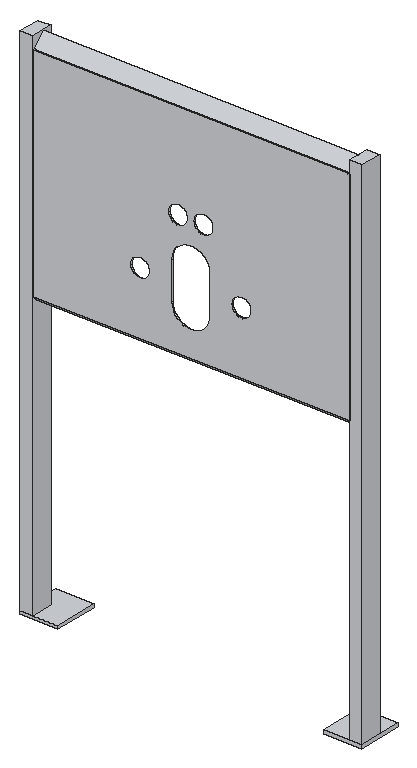
Revit family "Rebase 31.450", category Mechanical Equipment, Revit 2014
Parameters
  Väggskivetjocklek [instance] = 26 mm
  Vikt = 0 mm
  Sidodragning [instance] = no
  Model = "31.450"
  Minsta fria innermått [instance] = if(not(Sidodragning), 70 mm, 95 mm)  # 70 mm
  Manufacturer = "Rebase AB"
Reference planes
  plane 1 "Center (Front/Back)": y = 0
  plane 2: z = 0
  plane 3 "Center (Left/Right)": x = 0
  plane 4: y = 26
Dimensions and locks
  "Väggskivetjocklek": plane 4 to plane 1 "Center (Front/Back)"
  aligned and locked: level to plane 2
  aligned and locked: plane 4 to nested 1
Nested families
  nested 1: "31_450" at (0, 26, 0), type "31_450"
Definition of nested family "31_450"
  Reference planes
    plane 1 "Center (Front/Back)": y = 0
    plane 2: z = 0
    plane 3 "Center (Left/Right)": x = 0
  Forms (mm)
    Extrusion 1, solid
      sketch origin (0, 0, 0) x (1, 0, 0) y (0, 1, 0)
        loop
          line (-270, 0) -> (-210, 0) -> (-210, 70) -> (-270, 70) -> (-270, 0)
      from 0 to 5
    Extrusion 2, solid
      sketch origin (0, 0, 0) x (-1, 0, 0) y (0, -1, 0)
        loop
          line (-270, 0) -> (-270, -70) -> (-210, -70) -> (-210, 0) -> (-270, 0)
      from 0 to 5
    Extrusion 3, solid
      sketch origin (0, 0, 0) x (1, 0, 0) y (0, 1, 0)
        loop
          line (-270, 0) -> (-250, 0) -> (-250, 35) -> (-270, 35) -> (-270, 0)
      from 5 to 825
    Extrusion 4, solid
      sketch origin (0, 0, 0) x (1, 0, 0) y (0, 1, 0)
        loop
          line (250, 0) -> (270, 0) -> (270, 35) -> (250, 35) -> (250, 0)
      from 5 to 825
    Extrusion 5, solid
      sketch origin (0, 0, 0) x (0, 1, 0) y (0, 0, 1)
        loop
          arc (0.439, 806.5) -> (0.114, 806.013) -> (0, 805.439) r 1.5
          line (0, 805.439) -> (0, 456.355) -> (7.939, 448.415) -> (9, 449.476) -> (1.5, 456.976) -> (1.5, 805.439) -> (20, 823.939) -> (18.939, 825) -> (0.439, 806.5)
      from -250 to 250
    Extrusion 6, void
      sketch origin (0, 0, 0) x (1, 0, 0) y (0, 0, 1)
        loop
          arc (-30, 527) -> (0, 497) -> (30, 527) r 30
          line (30, 527) -> (30, 587)
          arc (30, 587) -> (0, 617) -> (-30, 587) r 30
          line (-30, 587) -> (-30, 527)
      from 0 to -2
    Extrusion 7, void
      sketch origin (0, 0, 0) x (1, 0, 0) y (0, 0, 1)
        loop
          circle (-20, 653) r 15
      from 0 to -2
    Extrusion 8, void
      sketch origin (40, 0, 0) x (1, 0, 0) y (0, 0, 1)
        loop
          circle (-20, 653) r 15
      from 0 to -2
    Extrusion 9, void
      sketch origin (0, 0, 0) x (1, 0, 0) y (0, 0, 1)
        loop
          circle (-80, 557) r 15
      from 0 to -2
    Extrusion 10, void
      sketch origin (160, 0, 0) x (1, 0, 0) y (0, 0, 1)
        loop
          circle (-80, 557) r 15
      from 0 to -2
  Cuts and joins
    Extrusion 6, Extrusion 7, Extrusion 8, Extrusion 9, Extrusion 10 cuts Extrusion 5
  Dimensions and locks
    aligned and locked: level to plane 2
